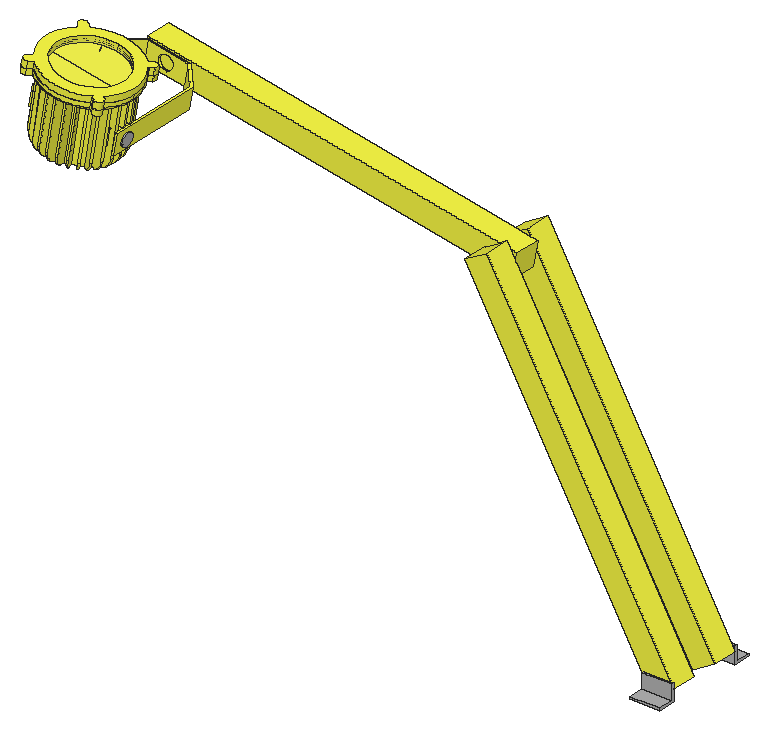
Revit family "Dokstar", category Lighting Fixtures, host Face, Revit 2013
Parameters (values of type "DOK")
  zz Angle 3 [instance] = if(Fixture Head Tilt < 1.00°, 1.00°, if(Fixture Head Tilt > 179.00°, 179.00°, Fixture Head Tilt))  # 1.00°
  zz Angle 2 [instance] = if(Single Arm Tilt < 40.00°, 40.00°, if(Single Arm Tilt > 140.00°, 140.00°, Single Arm Tilt))  # 40.00°
  zz Angle 1 [instance] = if(Double Arm Tilt < 30.00°, 30.00°, if(Double Arm Tilt > 150.00°, 150.00°, Double Arm Tilt))  # 120.00°
  Voltage = 120 V
  Single Arm Tilt [instance] = 20.00°
  Product Page URL = "https://www.hubbell.com/hubbelllightingci/en/Products/Lighting-Controls/Industrial-Lighting/Dock-Lights/Dokstar/p/212397#productPageTabDiv"
  Product Name = "Dokstar"  # constant formula
  Product Documentation Link = "https://hubbellcdn.com/brochure/dokstar_flyer_hil001.pdf"
  Power Factor = 1
  Wattage Comments = "Up to 131 lumens/watt efficacy"  # constant formula
  URL = "https://www.hubbell.com/hubbelllightingci/en/"
  Model = "DOK"  # constant formula
  Manufacturer = "Hubbell Industrial Lighting"  # constant formula
  Load Classification = Lighting
  Lamp = "LED's"  # constant formula
  Glass = Hubbell - White Glass
  Fixture Head Tilt [instance] = 0.00°
  Fastener = Steel - Hubbell
  Double Arm Tilt [instance] = 120.00°
  Description = "LED Freight Loading Dock Fixture"  # constant formula
  Default Elevation = 4' - 0"
  Contact Us = "https://www.hubbell.com/hubbelllightingci/en/contactUs"
  Housing Material = Powdercoat - Hubbell - Yellow
  Assembly Code = "D5020200"
  Apparent Load = 0 VA
Reference planes (in)
  plane 1 "Center (Front/Back)": y = 13.01342
  plane 2: z = 0
  plane 3 "Center (Left/Right)": x = 0
  plane 4: x = -0.875
  plane 5: x = 0.875
  plane 6: y = 13.76342
  plane 7: y = 12.26342
  plane 8: y = 15.26342
  plane 9: y = 10.76342
  plane 10: y = 16.26342
  plane 11: y = 9.76342
  plane 12: z = 1
  plane 13: y = 15.38842
  plane 14: z = 0.125
  plane 15: y = 10.63842
  plane 16: z = 0.75
Forms (in)
  Extrusion 1, solid, material "Steel - Hubbell" <- "Fastener"
    sketch origin (0, 0, 0) x (0, 1, 0) y (0, 0, 1)
      loop
        line (15.38842, 1) -> (15.26342, 1) -> (15.26342, 0) -> (16.26342, 0) -> (16.26342, 0.125) -> (15.38842, 0.125) -> (15.38842, 1)
      loop
        line (10.63842, 1) -> (10.63842, 0.125) -> (9.76342, 0.125) -> (9.76342, 0) -> (10.76342, 0) -> (10.76342, 1) -> (10.63842, 1)
    from -0.875 to 0.875
Dimensions and locks (in)
  equal spacing: plane 4, plane 3 "Center (Left/Right)", plane 5
  equal spacing: plane 6, plane 1 "Center (Front/Back)", plane 7
  equal spacing: plane 9, plane 1 "Center (Front/Back)", plane 8, locked at 2.25 each
  locked: plane 10 to plane 8 at 1
  locked: plane 11 to plane 9 at 1
  locked: plane 12 to plane 2 at 1
  locked: plane 14 to plane 2 at 0.125
  locked: plane 13 to plane 8 at 0.125
  locked: plane 9 to plane 15 at 0.125
  locked: plane 16 to plane 2 at 0.75
  "zz Angle 1": angle plane 16 to nested 1
  aligned and locked: plane 2 to host face
  aligned and locked: level to host face
  aligned and locked: Extrusion 1 sketch curve to plane 13
  aligned and locked: Extrusion 1 sketch curve to plane 14
  aligned and locked: plane 2 to Extrusion 1 sketch curve
  aligned and locked: plane 8 to Extrusion 1 sketch curve
  aligned and locked: Extrusion 1 sketch curve to plane 12
  aligned and locked: Extrusion 1 to plane 4
  aligned and locked: Extrusion 1 to plane 5
  aligned and locked: plane 15 to Extrusion 1 sketch curve
  aligned and locked: Extrusion 1 sketch curve to plane 9
  aligned and locked: plane 12 to Extrusion 1 sketch curve
  aligned and locked: plane 14 to Extrusion 1 sketch curve
  aligned and locked: Extrusion 1 sketch curve to plane 2
  aligned and locked: plane 11 to Extrusion 1 sketch curve
  aligned and locked: plane 16 to nested 1
  aligned and locked: plane 3 "Center (Left/Right)" to nested 1
  aligned and locked: nested 2 to nested 1
Automatic sketch dimensions
  host sketch curve to host sketch curve = 8' - 0"  (x2)
  Extrusion 1 sketch curve to plane 10 = 0' - 0"
Nested families (in)
  nested 1: "Double Arm" at (0, 10.76342, 0.75) x (-0.5, 0, 0.866) z (0, 1, 0), type "Double Arm"
    with Tilt 40.00°
  nested 2: "Dokstar Fixture" at (-30.37171, 12.26342, 20.21513) x (0.9848, 0, -0.1736) z (0, -1, 0), type "Dokstar Fixture"
Connectors (in)
  electrical at (-30.33312, 6.04505, 20.399), driven by "Load Classification", driven by "Voltage", driven by "Apparent Load", driven by "Power Factor"
    settings: on nested 2, index 1, voltage 120 V, apparent load 0 VA, apparent load phase1 0 VA, apparent load phase2 0 VA, apparent load phase3 0 VA, power factor 1, load classification "Lighting", number of poles 1, system type 30, power factor state 1, is connector primary yes, connector utility no, sub classification motor no, connector description "Lighting Connector"
Definition of nested family "Double Arm"
  Parameters (values of type "Double Arm")
    Tilt = 45.00°
    Default Elevation = 4' - 0"
    Arm = Powdercoat - Hubbell - Yellow
  Reference planes (in)
    plane 1 "Center (Front/Back)": y = 0
    plane 2: z = 0
    plane 3 "Center (Left/Right)": x = 0
    plane 4: y = 0.75
    plane 5: y = -0.75
    plane 6: x = -0.5
    plane 7: x = 21.5
    plane 8: z = 1.5
    plane 9: z = 3
    plane 10: z = 4.5
    plane 11: x = 20.75
  Forms (in)
    Extrusion 1, solid, material "Powdercoat - Hubbell - Yellow" <- "Arm"
      sketch origin (0, 0, 0) x (0, 1, 0) y (0, 0, 1)
        loop
          line (0.75, 1.5) -> (-0.75, 1.5) -> (-0.75, 0) -> (0.75, 0) -> (0.75, 1.5)
        loop
          line (0.75, 4.5) -> (-0.75, 4.5) -> (-0.75, 3) -> (0.75, 3) -> (0.75, 4.5)
      from -0.5 to 21.5
  Lines and regions (in)
    reference lines
      curve 1: line (0, 0, 0) -> (18.25, 0, 0)
  Dimensions and locks (in)
    equal spacing: plane 4, plane 1 "Center (Front/Back)", plane 5, locked at 0.75 each
    locked: plane 6 to plane 3 "Center (Left/Right)" at 0.5
    locked: plane 6 to plane 7 at 22
    equal spacing: plane 10, plane 9, plane 8, plane 2, locked at 1.5 each
    locked: plane 11 to plane 7 at 0.75
    "Tilt": angle plane 11 to nested 1
    aligned and locked: level to plane 2
    aligned and locked: plane 8 to Extrusion 1 sketch curve
    aligned and locked: plane 4 to Extrusion 1 sketch curve
    aligned and locked: Extrusion 1 sketch curve to plane 2
    aligned and locked: plane 5 to Extrusion 1 sketch curve
    aligned and locked: Extrusion 1 sketch curve to plane 9
    aligned and locked: Extrusion 1 sketch curve to plane 10
    aligned and locked: Extrusion 1 sketch curve to plane 5
    aligned and locked: Extrusion 1 sketch curve to plane 4
    aligned and locked: Extrusion 1 to plane 6
    aligned and locked: plane 7 to Extrusion 1
    aligned and locked: plane 11 to nested 1
    aligned and locked: plane 1 "Center (Front/Back)" to nested 1
  Automatic sketch dimensions
    plane 1 "Center (Front/Back)" to curve 1 = 0' - 0"
    curve 1 to plane 3 "Center (Left/Right)" = 0' - 0"
    curve 1 to plane 11 = 0' - 2 1/2"
  Nested families (in)
    nested 1: "Single Arm" at (20.75, 0, 1.5) x (0.7071, -0.7071, 0) z (0, 0, 1), type "Single Arm"
  Definition of nested family "Single Arm"
    Parameters (values of type "Single Arm")
      Default Elevation = 4' - 0"
      Arm = Powdercoat - Hubbell - Yellow
    Reference planes (in)
      plane 1 "Center (Front/Back)": y = 0
      plane 2: z = 0
      plane 3 "Center (Left/Right)": x = 0
      plane 4: y = 0.75
      plane 5: y = -0.75
      plane 6: x = -0.75
      plane 7: x = 21.25
      plane 8: z = 1.5
      plane 9: x = 20.25
    Forms (in)
      Extrusion 1, solid, material "Powdercoat - Hubbell - Yellow" <- "Arm"
        sketch origin (0, 0, 0) x (0, 1, 0) y (0, 0, 1)
          loop
            line (0.75, 1.5) -> (-0.75, 1.5) -> (-0.75, 0) -> (0.75, 0) -> (0.75, 1.5)
        from -0.75 to 21.25
    Lines and regions (in)
      reference lines
        curve 1: line (0, 0, 0) -> (25.5, 0, 0)
    Dimensions and locks (in)
      equal spacing: plane 4, plane 1 "Center (Front/Back)", plane 5, locked at 0.75 each
      locked: plane 6 to plane 3 "Center (Left/Right)" at 0.75
      locked: plane 6 to plane 7 at 22
      locked: plane 8 to plane 2 at 1.5
      locked: plane 9 to plane 7 at 1
      aligned and locked: level to plane 2
      aligned and locked: plane 8 to Extrusion 1 sketch curve
      aligned and locked: plane 4 to Extrusion 1 sketch curve
      aligned and locked: Extrusion 1 sketch curve to plane 2
      aligned and locked: plane 5 to Extrusion 1 sketch curve
      aligned and locked: Extrusion 1 to plane 6
      aligned and locked: plane 7 to Extrusion 1
    Automatic sketch dimensions
      plane 1 "Center (Front/Back)" to curve 1 = 0' - 0"
      curve 1 to plane 3 "Center (Left/Right)" = 0' - 0"
      plane 7 to curve 1 = 0' - 4 1/4"
Definition of nested family "Dokstar Fixture"
  Parameters (values of type "DOKSTAR")
    Wattage Comments = "14W/16W/21W"
    URL = "www.hubbellindustrial.com"
    Model = "DOKSTAR"  # constant formula
    Manufacturer = "Hubbell Industrial Lighting"  # constant formula
    Lamp = "One"
    Glass = Hubbell - White Glass
    Fixture Head Tillt = 1.00°
    Fastener = Steel - Hubbell
    Description = "Dokstar™ Series LED Loading Dock Lights deliver lower energy cost with high quality superior light over incandescent, quartz or metal halide technologies traditionally used in loading dock applications."  # constant formula
    Default Elevation = 4' - 0"
    Housing Material = Powdercoat - Hubbell - Yellow
  Reference planes (in)
    plane 1 "Center (Front/Back)": y = 2
    plane 2: z = 0
    plane 3 "Center (Left/Right)": x = 0
    plane 4: x = 2.65625
    plane 5: x = -2.65625
    plane 6: z = 6.25
  Forms (in)
    Extrusion 1, solid
      sketch origin (0, 0, 0) x (1, 0, 0) y (0, 1, 0)
        loop
          line (-48, 48) -> (-48, -48) -> (48, -48) -> (48, 48) -> (-48, 48)
      from 0 to -7.58294
    Extrusion 2, solid, material "Steel - Hubbell" <- "Fastener"
      sketch origin (0, -1.13193, -8.51579) x (0, 1, 0) y (0, 0, 1)
        loop
          circle (3.12293, 14.72676) r 0.38115
      from 2.53125 to 2.65625
    Extrusion 3, solid, material "Steel - Hubbell" <- "Fastener"
      sketch origin (0, -1.13193, -8.47676) x (0, 1, 0) y (0, 0, -1)
        loop
          circle (3.12293, -14.72676) r 0.38115
      from 2.53125 to 2.65625
    Extrusion 4, solid, material "Powdercoat - Hubbell - Yellow" <- "Housing Material"
      sketch origin (0, 0.86807, 0) x (1, 0, 0) y (0, 0, 1)
        loop
          line (-1.25, 0) -> (1.25, 0) -> (2.53125, 1.43342) -> (2.53125, 6.91623) -> (2.40625, 6.91623) -> (2.40625, 1.48114) -> (1.19407, 0.125) -> (-1.19407, 0.125) -> (-2.40625, 1.48114) -> (-2.40625, 6.91623) -> (-2.53125, 6.91623) -> (-2.53125, 1.43342) -> (-1.25, 0)
      from -1.73961 to -0.46604
    Extrusion 5, void
      sketch origin (0, -1.13193, 0) x (1, 0, 0) y (0, 1, 0)
        loop
          circle (0, 3.13193) r 0.44669
      from 0 to 0.125
  Cuts and joins
    Extrusion 5 cuts Extrusion 4
  Dimensions and locks (in)
    equal spacing: plane 4, plane 3 "Center (Left/Right)", plane 5, locked at 2.65625 each
    locked: plane 4 to plane 3 "Center (Left/Right)" at 2.65625
    plane 6 to plane 2 = 0' - 6 1/4"
    "Fixture Head Tillt": angle nested 1 to plane 6
    aligned and locked: plane 2 to Extrusion 1
    aligned and locked: plane 1 "Center (Front/Back)" to nested 1
    aligned and locked: plane 6 to nested 1
  Automatic sketch dimensions
    Extrusion 1 sketch curve to Extrusion 1 sketch curve = 8' - 0"  (x2)
    plane 1 "Center (Front/Back)" to Extrusion 2 sketch curve = 0' - 0.009"
    Extrusion 2 sketch curve to plane 6 = 0' - 0.03902"
    Extrusion 3 sketch curve to plane 6 = 0' - 0"
    plane 1 "Center (Front/Back)" to Extrusion 3 sketch curve = 0' - 0.009"
    Extrusion 4 sketch curve to level = 0' - 0"
    plane 5 to Extrusion 4 sketch curve = 0' - 0 1/8"
    level to Extrusion 4 sketch curve = 0' - 0 1/8"
    Extrusion 4 sketch curve to Extrusion 4 sketch curve = 0' - 0 1/8"  (x2)
    Extrusion 4 sketch curve to plane 3 "Center (Left/Right)" = 0' - 1 1/4"
    Extrusion 4 sketch curve to Extrusion 4 sketch curve = 0' - 0.05593"  (x2)
    plane 3 "Center (Left/Right)" to Extrusion 4 sketch curve = 0' - 1.19407"
    Extrusion 4 sketch curve to plane 4 = 0' - 0 1/4"
    level to Extrusion 4 sketch curve = 0' - 1.43342"  (x2)
    Extrusion 4 sketch curve to Extrusion 4 sketch curve = 0' - 0.04772"  (x2)
    plane 6 to Extrusion 4 sketch curve = 0' - 0.66623"  (x2)
    plane 1 "Center (Front/Back)" to Extrusion 5 sketch curve = 0' - 0"
    Extrusion 5 sketch curve to plane 3 "Center (Left/Right)" = 0' - 0"
    radius of Extrusion 2 sketch curve = 0' - 0.38115"
    radius of Extrusion 3 sketch curve = 0' - 0.38115"
    radius of Extrusion 5 sketch curve = 0' - 0.44669"
  Nested families (in)
    nested 1: "Dokstar Head" at (2.40625, 3.9997, 6.2849) x (0, 0.0175, -0.9998) z (-1, 0, 0), type "Dokstar Head"
  Definition of nested family "Dokstar Head"
    Parameters (values of type "Dokstar Head")
      Wattage Comments = ""
      Wattage = 9.2903 W
      built-in parameter 1150110 = 1 (stored number, unit not read)
      URL = "www.hubbellindustrial.com"
      built-in parameter 1114217 = 1 (stored number, unit not read)
      Tilt Angle = 90.00°
      built-in parameter 1150109 = 1 (stored number, unit not read)
      built-in parameter 1150134 = 3
      built-in parameter 1150113 = 1 (stored number, unit not read)
      Photometric Web File = "generic"
      built-in parameter 1150142 = (empty or 0)
      Model = "DOKSTAR"  # constant formula
      Manufacturer = "Hubbell Industrial Lighting"  # constant formula
      built-in parameter 1150105 = 109.82 (stored number, unit not read)
      Lumens = 1380 lm
      built-in parameter 1150115 = 1 (stored number, unit not read)
      built-in parameter 1150137 = (empty or 0)
      built-in parameter 1150139 = (empty or 0)
      built-in parameter 1150112 = 1 (stored number, unit not read)
      built-in parameter 1150114 = 1 (stored number, unit not read)
      Lamp = ""
      Opal lens = Hubbell - White Glass
      built-in parameter 1150132 = (empty or 0)
      built-in parameter 1150102 = (empty or 0)
      built-in parameter 1150107 = 3200 (stored number, unit not read)
      built-in parameter 1150138 = (empty or 0)
      built-in parameter 1150106 = 1.0982 (stored number, unit not read)
      Emit from Circle Diameter = 0' - 4"
      Emit Shape Visible in Rendering = no
      built-in parameter 1150104 = 13.8 (stored number, unit not read)
      Dimming Lamp Color Temperature Shift = (empty or 0)
      Description = "Dokstar™ Series LED Loading Dock Lights deliver lower energy cost with high quality superior light over incandescent, quartz or metal halide technologies traditionally used in loading dock applications."  # constant formula
      Default Elevation = 4' - 0"
      Finish = Powdercoat - Hubbell - Yellow
      Color Filter = 16777215
      built-in parameter 1114218 = 1 (stored number, unit not read)
      built-in parameter 1150133 = 10 (stored number, unit not read)
    Reference planes (in)
      plane 1 "Center (Front/Back)": y = 2
      plane 2: z = 0
      plane 3 "Center (Left/Right)": x = 0
      plane 4: x = 2.65625
      plane 5: x = -2.65625
      plane 6: through (2.65625, -180.68316, -0.38108) normal (-0.7232, 0, -0.6907)
      plane 7: through (-2.65625, -180.68316, -0.38108) normal (-0.7232, 0, 0.6907)
      plane 8: y = -1
      plane 9: y = 3.8125
    Forms (in)
      Extrusion 1, solid
        sketch origin (0, 0, 0) x (1, 0, 0) y (0, 1, 0)
          loop
            line (-48, 48) -> (-48, -48) -> (48, -48) -> (48, 48) -> (-48, 48)
        from 0 to -7.58294
      Extrusion 2, solid, material "Powdercoat - Hubbell - Yellow" <- "Finish"
        sketch origin (0, 1.31684, 5.18142) x (-1, 0, 0) y (0, 0, -1)
          loop
            arc (-2.02183, 4.504) -> (-2.65625, 2.78152) -> (-2.02218, 1.05891) r 2.65625
            arc (-2.02218, 1.05891) -> (-2.01475, 1.0374) -> (-2.02388, 1.01655) r 0.03125
            line (-2.02388, 1.01655) -> (-2.17834, 0.86209)
            arc (-2.17834, 0.86209) -> (-2.18757, 0.51223) -> (-1.83797, 0.49597) r 0.25
            line (-1.83797, 0.49597) -> (-1.66073, 0.6732)
            arc (-1.66073, 0.6732) -> (-1.64066, 0.68229) -> (-1.61958, 0.67587) r 0.03125
            arc (-1.61958, 0.67587) -> (-0.00043, 0.125) -> (1.61889, 0.67534) r 2.65625
            arc (1.61889, 0.67534) -> (1.63997, 0.68175) -> (1.66004, 0.67266) r 0.03125
            line (1.66004, 0.67266) -> (1.84415, 0.48855)
            arc (1.84415, 0.48855) -> (2.19413, 0.48874) -> (2.20098, 0.83865) r 0.25
            line (2.20098, 0.83865) -> (2.02351, 1.01612)
            arc (2.02351, 1.01612) -> (2.01438, 1.03698) -> (2.02182, 1.05849) r 0.03125
            arc (2.02182, 1.05849) -> (2.65624, 2.78709) -> (2.01423, 4.51288) r 2.65625
            arc (2.01423, 4.51288) -> (2.00633, 4.53547) -> (2.0159, 4.5574) r 0.03275
            line (2.0159, 4.5574) -> (2.17817, 4.71966)
            arc (2.17817, 4.71966) -> (2.17799, 5.06965) -> (1.82807, 5.0765) r 0.25
            line (1.82807, 5.0765) -> (1.64948, 4.89791)
            arc (1.64948, 4.89791) -> (1.62949, 4.88883) -> (1.60846, 4.89514) r 0.03125
            arc (1.60846, 4.89514) -> (-0.0122, 5.43747) -> (-1.62781, 4.88027) r 2.65625
            arc (-1.62781, 4.88027) -> (-1.65021, 4.87367) -> (-1.67115, 4.884) r 0.03206
            line (-1.67115, 4.884) -> (-1.84271, 5.07211)
            arc (-1.84271, 5.07211) -> (-2.19195, 5.04919) -> (-2.17605, 4.69957) r 0.25
            line (-2.17605, 4.69957) -> (-2.02355, 4.54707)
            arc (-2.02355, 4.54707) -> (-2.01427, 4.52587) -> (-2.02183, 4.504) r 0.03177
          loop
            circle (0, 2.78125) r 2
        from 1.92187 to 2.31684
      Revolve 3, solid, material "Powdercoat - Hubbell - Yellow" <- "Finish"
        sketch origin (0, -0.68316, 5.18142) x (0, 1, 0) y (0, 0, -1)
          loop
            line (4.49566, 2.78125) -> (0.31457, 2.78125) -> (0.31457, 0.24999) -> (0.07813, 0.24999) -> (0.07813, 0.12499) -> (0.34582, 0.12499)
            arc (0.34582, 0.12499) -> (0.41211, 0.15245) -> (0.43957, 0.21874) r 0.09375
            line (0.43957, 0.21874) -> (0.43957, 0.9584)
            arc (0.43957, 0.9584) -> (0.51279, 1.13517) -> (0.68957, 1.2084) r 0.25
            line (0.68957, 1.2084) -> (4.49566, 1.2084) -> (4.49566, 2.78125)
          axis (4.49566, 2.78125) -> (0.07813, 2.78125)
        angle from 0 to 360
      Extrusion 4, solid, material "Powdercoat - Hubbell - Yellow" <- "Finish"
        sketch origin (5.11653, -180.68316, 2.40017) x (0, -1, 0) y (-1, 0, 0)
          loop
            line (-180.43534, 2.71426) -> (-180.43534, 3.29152)
            arc (-180.43534, 3.29152) -> (-180.50947, 3.47047) -> (-180.68841, 3.54459) r 0.25307
            line (-180.68841, 3.54459) -> (-184.4968, 3.54459)
            arc (-184.4968, 3.54459) -> (-184.26536, 2.96918) -> (-183.69996, 2.71426) r 0.83103
            line (-183.69996, 2.71426) -> (-180.43534, 2.71426)
        from -0.04137 to 0.04833
      Extrusion 5, solid, material "Powdercoat - Hubbell - Yellow" <- "Finish"
        sketch origin (0, 1.31684, 5.18142) x (-1, 0, 0) y (0, 0, -1)
          loop
            arc (2.17817, 4.71966) -> (2.17799, 5.06965) -> (1.82807, 5.0765) r 0.25
            line (1.82807, 5.0765) -> (1.64948, 4.89791)
            arc (1.64948, 4.89791) -> (1.62949, 4.88883) -> (1.60846, 4.89514) r 0.03125
            arc (1.60846, 4.89514) -> (1.8214, 4.71468) -> (2.01423, 4.51288) r 2.65625
            arc (2.01423, 4.51288) -> (2.00633, 4.53547) -> (2.0159, 4.5574) r 0.03275
            line (2.0159, 4.5574) -> (2.17817, 4.71966)
          loop
            arc (-1.84271, 5.07211) -> (-2.19195, 5.04919) -> (-2.17605, 4.69957) r 0.25
            line (-2.17605, 4.69957) -> (-2.02355, 4.54707)
            arc (-2.02355, 4.54707) -> (-2.01427, 4.52586) -> (-2.02184, 4.50399) r 0.03177
            arc (-2.02184, 4.50399) -> (-1.83562, 4.70113) -> (-1.63044, 4.87844) r 2.68025
            arc (-1.63044, 4.87844) -> (-1.6518, 4.87384) -> (-1.67115, 4.884) r 0.03206
            line (-1.67115, 4.884) -> (-1.84271, 5.07211)
          loop
            line (-2.02388, 1.01655) -> (-2.17834, 0.86209)
            arc (-2.17834, 0.86209) -> (-2.18757, 0.51223) -> (-1.83797, 0.49597) r 0.25
            line (-1.83797, 0.49597) -> (-1.66073, 0.6732)
            arc (-1.66073, 0.6732) -> (-1.64066, 0.68229) -> (-1.61958, 0.67587) r 0.03125
            arc (-1.61958, 0.67587) -> (-1.82979, 0.8557) -> (-2.02022, 1.05635) r 2.66406
            arc (-2.02022, 1.05635) -> (-2.01485, 1.03579) -> (-2.02388, 1.01655) r 0.03125
          loop
            line (1.66004, 0.67266) -> (1.84415, 0.48855)
            arc (1.84415, 0.48855) -> (2.19413, 0.48874) -> (2.20098, 0.83865) r 0.25
            line (2.20098, 0.83865) -> (2.02351, 1.01612)
            arc (2.02351, 1.01612) -> (2.01449, 1.03537) -> (2.01986, 1.05593) r 0.03125
            arc (2.01986, 1.05593) -> (1.82927, 0.85521) -> (1.61889, 0.67534) r 2.66406
            arc (1.61889, 0.67534) -> (1.63997, 0.68175) -> (1.66004, 0.67266) r 0.03125
        from 1.56466 to 1.92187
      Extrusion 6, solid, material "Hubbell - White Glass" <- "Opal lens"
        sketch origin (0, 1.89497, -12.50607) x (1, 0, 0) y (0, 0, 1)
          loop
            circle (0, 14.90624) r 2
        from 2.62787 to 2.72935
      Extrusion 7, solid, material "Powdercoat - Hubbell - Yellow" <- "Finish"
        sketch origin (0, 2, 0) x (1, 0, 0) y (0, 0, 1)
          loop
            line (-0.48322, 4.80035) -> (-0.48322, 0) -> (0.48322, 0) -> (0.48322, 4.80035) -> (-0.48322, 4.80035)
        from -0.51564 to 0.53414
      Extrusion 8, solid, material "Powdercoat - Hubbell - Yellow" <- "Finish"
        sketch origin (4.98824, -180.68316, 3.53871) x (0.974928, 0, 0.222521) y (0, -1, 0)
          loop
            line (-2.71426, -180.43534) -> (-3.29152, -180.43534)
            arc (-3.29152, -180.43534) -> (-3.47047, -180.50947) -> (-3.54459, -180.68841) r 0.25307
            line (-3.54459, -180.68841) -> (-3.54459, -184.4968)
            arc (-3.54459, -184.4968) -> (-2.96918, -184.26536) -> (-2.71426, -183.69996) r 0.83103
            line (-2.71426, -183.69996) -> (-2.71426, -180.43534)
        from -0.04137 to 0.04833
      Extrusion 9, solid, material "Powdercoat - Hubbell - Yellow" <- "Finish"
        sketch origin (4.60983, -180.68316, 4.62015) x (0.900969, 0, 0.433884) y (0, -1, 0)
          loop
            line (-2.71426, -180.43534) -> (-3.29152, -180.43534)
            arc (-3.29152, -180.43534) -> (-3.47047, -180.50947) -> (-3.54459, -180.68841) r 0.25307
            line (-3.54459, -180.68841) -> (-3.54459, -184.4968)
            arc (-3.54459, -184.4968) -> (-2.96918, -184.26536) -> (-2.71426, -183.69996) r 0.83103
            line (-2.71426, -183.69996) -> (-2.71426, -180.43534)
        from -0.04137 to 0.04833
      Extrusion 10, solid, material "Powdercoat - Hubbell - Yellow" <- "Finish"
        sketch origin (4.00026, -180.68316, 5.59028) x (0.781831, 0, 0.62349) y (0, -1, 0)
          loop
            line (-2.71426, -180.43534) -> (-3.29152, -180.43534)
            arc (-3.29152, -180.43534) -> (-3.47047, -180.50947) -> (-3.54459, -180.68841) r 0.25307
            line (-3.54459, -180.68841) -> (-3.54459, -184.4968)
            arc (-3.54459, -184.4968) -> (-2.96918, -184.26536) -> (-2.71426, -183.69996) r 0.83103
            line (-2.71426, -183.69996) -> (-2.71426, -180.43534)
        from -0.04137 to 0.04833
      Extrusion 11, solid, material "Powdercoat - Hubbell - Yellow" <- "Finish"
        sketch origin (3.1901, -180.68316, 6.40043) x (0.62349, 0, 0.781831) y (0, -1, 0)
          loop
            line (-2.71426, -180.43534) -> (-3.29152, -180.43534)
            arc (-3.29152, -180.43534) -> (-3.47047, -180.50947) -> (-3.54459, -180.68841) r 0.25307
            line (-3.54459, -180.68841) -> (-3.54459, -184.4968)
            arc (-3.54459, -184.4968) -> (-2.96918, -184.26536) -> (-2.71426, -183.69996) r 0.83103
            line (-2.71426, -183.69996) -> (-2.71426, -180.43534)
        from -0.04137 to 0.04833
      Extrusion 12, solid, material "Powdercoat - Hubbell - Yellow" <- "Finish"
        sketch origin (2.21998, -180.68316, 7.01) x (0.433884, 0, 0.900969) y (0, -1, 0)
          loop
            line (-2.71426, -180.43534) -> (-3.29152, -180.43534)
            arc (-3.29152, -180.43534) -> (-3.47047, -180.50947) -> (-3.54459, -180.68841) r 0.25307
            line (-3.54459, -180.68841) -> (-3.54459, -184.4968)
            arc (-3.54459, -184.4968) -> (-2.96918, -184.26536) -> (-2.71426, -183.69996) r 0.83103
            line (-2.71426, -183.69996) -> (-2.71426, -180.43534)
        from -0.04137 to 0.04833
      Extrusion 13, solid, material "Powdercoat - Hubbell - Yellow" <- "Finish"
        sketch origin (1.13853, -180.68316, 7.38842) x (0.222521, 0, 0.974928) y (0, -1, 0)
          loop
            line (-2.71426, -180.43534) -> (-3.29152, -180.43534)
            arc (-3.29152, -180.43534) -> (-3.47047, -180.50947) -> (-3.54459, -180.68841) r 0.25307
            line (-3.54459, -180.68841) -> (-3.54459, -184.4968)
            arc (-3.54459, -184.4968) -> (-2.96918, -184.26536) -> (-2.71426, -183.69996) r 0.83103
            line (-2.71426, -183.69996) -> (-2.71426, -180.43534)
        from -0.04137 to 0.04833
      Extrusion 14, solid, material "Powdercoat - Hubbell - Yellow" <- "Finish"
        sketch origin (0, -180.68316, 7.5167) x (0, 0, 1) y (0, -1, 0)
          loop
            line (-2.71426, -180.43534) -> (-3.29152, -180.43534)
            arc (-3.29152, -180.43534) -> (-3.47047, -180.50947) -> (-3.54459, -180.68841) r 0.25307
            line (-3.54459, -180.68841) -> (-3.54459, -184.4968)
            arc (-3.54459, -184.4968) -> (-2.96918, -184.26536) -> (-2.71426, -183.69996) r 0.83103
            line (-2.71426, -183.69996) -> (-2.71426, -180.43534)
        from -0.04137 to 0.04833
      Extrusion 15, solid, material "Powdercoat - Hubbell - Yellow" <- "Finish"
        sketch origin (-1.13853, -180.68316, 7.38842) x (-0.222521, 0, 0.974928) y (0, -1, 0)
          loop
            line (-2.71426, -180.43534) -> (-3.29152, -180.43534)
            arc (-3.29152, -180.43534) -> (-3.47047, -180.50947) -> (-3.54459, -180.68841) r 0.25307
            line (-3.54459, -180.68841) -> (-3.54459, -184.4968)
            arc (-3.54459, -184.4968) -> (-2.96918, -184.26536) -> (-2.71426, -183.69996) r 0.83103
            line (-2.71426, -183.69996) -> (-2.71426, -180.43534)
        from -0.04137 to 0.04833
      Extrusion 16, solid, material "Powdercoat - Hubbell - Yellow" <- "Finish"
        sketch origin (-2.21998, -180.68316, 7.01) x (-0.433884, 0, 0.900969) y (0, -1, 0)
          loop
            line (-2.71426, -180.43534) -> (-3.29152, -180.43534)
            arc (-3.29152, -180.43534) -> (-3.47047, -180.50947) -> (-3.54459, -180.68841) r 0.25307
            line (-3.54459, -180.68841) -> (-3.54459, -184.4968)
            arc (-3.54459, -184.4968) -> (-2.96918, -184.26536) -> (-2.71426, -183.69996) r 0.83103
            line (-2.71426, -183.69996) -> (-2.71426, -180.43534)
        from -0.04137 to 0.04833
      Extrusion 17, solid, material "Powdercoat - Hubbell - Yellow" <- "Finish"
        sketch origin (-3.1901, -180.68316, 6.40043) x (-0.62349, 0, 0.781831) y (0, -1, 0)
          loop
            line (-2.71426, -180.43534) -> (-3.29152, -180.43534)
            arc (-3.29152, -180.43534) -> (-3.47047, -180.50947) -> (-3.54459, -180.68841) r 0.25307
            line (-3.54459, -180.68841) -> (-3.54459, -184.4968)
            arc (-3.54459, -184.4968) -> (-2.96918, -184.26536) -> (-2.71426, -183.69996) r 0.83103
            line (-2.71426, -183.69996) -> (-2.71426, -180.43534)
        from -0.04137 to 0.04833
      Extrusion 18, solid, material "Powdercoat - Hubbell - Yellow" <- "Finish"
        sketch origin (-4.00026, -180.68316, 5.59028) x (-0.781831, 0, 0.62349) y (0, -1, 0)
          loop
            line (-2.71426, -180.43534) -> (-3.29152, -180.43534)
            arc (-3.29152, -180.43534) -> (-3.47047, -180.50947) -> (-3.54459, -180.68841) r 0.25307
            line (-3.54459, -180.68841) -> (-3.54459, -184.4968)
            arc (-3.54459, -184.4968) -> (-2.96918, -184.26536) -> (-2.71426, -183.69996) r 0.83103
            line (-2.71426, -183.69996) -> (-2.71426, -180.43534)
        from -0.04137 to 0.04833
      Extrusion 19, solid, material "Powdercoat - Hubbell - Yellow" <- "Finish"
        sketch origin (-4.60983, -180.68316, 4.62015) x (-0.900969, 0, 0.433884) y (0, -1, 0)
          loop
            line (-2.71426, -180.43534) -> (-3.29152, -180.43534)
            arc (-3.29152, -180.43534) -> (-3.47047, -180.50947) -> (-3.54459, -180.68841) r 0.25307
            line (-3.54459, -180.68841) -> (-3.54459, -184.4968)
            arc (-3.54459, -184.4968) -> (-2.96918, -184.26536) -> (-2.71426, -183.69996) r 0.83103
            line (-2.71426, -183.69996) -> (-2.71426, -180.43534)
        from -0.04137 to 0.04833
      Extrusion 20, solid, material "Powdercoat - Hubbell - Yellow" <- "Finish"
        sketch origin (-4.98824, -180.68316, 3.53871) x (-0.974928, 0, 0.222521) y (0, -1, 0)
          loop
            line (-2.71426, -180.43534) -> (-3.29152, -180.43534)
            arc (-3.29152, -180.43534) -> (-3.47047, -180.50947) -> (-3.54459, -180.68841) r 0.25307
            line (-3.54459, -180.68841) -> (-3.54459, -184.4968)
            arc (-3.54459, -184.4968) -> (-2.96918, -184.26536) -> (-2.71426, -183.69996) r 0.83103
            line (-2.71426, -183.69996) -> (-2.71426, -180.43534)
        from -0.04137 to 0.04833
      Extrusion 21, solid, material "Powdercoat - Hubbell - Yellow" <- "Finish"
        sketch origin (-5.11653, -180.68316, 2.40017) x (-1, 0, 0) y (0, -1, 0)
          loop
            line (-2.71426, -180.43534) -> (-3.29152, -180.43534)
            arc (-3.29152, -180.43534) -> (-3.47047, -180.50947) -> (-3.54459, -180.68841) r 0.25307
            line (-3.54459, -180.68841) -> (-3.54459, -184.4968)
            arc (-3.54459, -184.4968) -> (-2.96918, -184.26536) -> (-2.71426, -183.69996) r 0.83103
            line (-2.71426, -183.69996) -> (-2.71426, -180.43534)
        from -0.04137 to 0.04833
      Extrusion 22, solid, material "Powdercoat - Hubbell - Yellow" <- "Finish"
        sketch origin (-4.98824, -180.68316, 1.26164) x (-0.974928, 0, -0.222521) y (0, -1, 0)
          loop
            line (-2.71426, -180.43534) -> (-3.29152, -180.43534)
            arc (-3.29152, -180.43534) -> (-3.47047, -180.50947) -> (-3.54459, -180.68841) r 0.25307
            line (-3.54459, -180.68841) -> (-3.54459, -184.4968)
            arc (-3.54459, -184.4968) -> (-2.96918, -184.26536) -> (-2.71426, -183.69996) r 0.83103
            line (-2.71426, -183.69996) -> (-2.71426, -180.43534)
        from -0.04137 to 0.04833
      Extrusion 23, solid, material "Powdercoat - Hubbell - Yellow" <- "Finish"
        sketch origin (-4.60983, -180.68316, 0.1802) x (-0.900969, 0, -0.433884) y (0, -1, 0)
          loop
            line (-2.71426, -180.43534) -> (-3.29152, -180.43534)
            arc (-3.29152, -180.43534) -> (-3.47047, -180.50947) -> (-3.54459, -180.68841) r 0.25307
            line (-3.54459, -180.68841) -> (-3.54459, -184.4968)
            arc (-3.54459, -184.4968) -> (-2.96918, -184.26536) -> (-2.71426, -183.69996) r 0.83103
            line (-2.71426, -183.69996) -> (-2.71426, -180.43534)
        from -0.04137 to 0.04833
      Extrusion 24, solid, material "Powdercoat - Hubbell - Yellow" <- "Finish"
        sketch origin (-4.00026, -180.68316, -0.78993) x (-0.781831, 0, -0.62349) y (0, -1, 0)
          loop
            line (-2.71426, -180.43534) -> (-3.29152, -180.43534)
            arc (-3.29152, -180.43534) -> (-3.47047, -180.50947) -> (-3.54459, -180.68841) r 0.25307
            line (-3.54459, -180.68841) -> (-3.54459, -184.4968)
            arc (-3.54459, -184.4968) -> (-2.96918, -184.26536) -> (-2.71426, -183.69996) r 0.83103
            line (-2.71426, -183.69996) -> (-2.71426, -180.43534)
        from -0.04137 to 0.04833
      Extrusion 25, solid, material "Powdercoat - Hubbell - Yellow" <- "Finish"
        sketch origin (-3.1901, -180.68316, -1.60009) x (-0.62349, 0, -0.781831) y (0, -1, 0)
          loop
            line (-2.71426, -180.43534) -> (-3.29152, -180.43534)
            arc (-3.29152, -180.43534) -> (-3.47047, -180.50947) -> (-3.54459, -180.68841) r 0.25307
            line (-3.54459, -180.68841) -> (-3.54459, -184.4968)
            arc (-3.54459, -184.4968) -> (-2.96918, -184.26536) -> (-2.71426, -183.69996) r 0.83103
            line (-2.71426, -183.69996) -> (-2.71426, -180.43534)
        from -0.04137 to 0.04833
      Extrusion 26, solid, material "Powdercoat - Hubbell - Yellow" <- "Finish"
        sketch origin (-2.21998, -180.68316, -2.20966) x (-0.433884, 0, -0.900969) y (0, -1, 0)
          loop
            line (-2.71426, -180.43534) -> (-3.29152, -180.43534)
            arc (-3.29152, -180.43534) -> (-3.47047, -180.50947) -> (-3.54459, -180.68841) r 0.25307
            line (-3.54459, -180.68841) -> (-3.54459, -184.4968)
            arc (-3.54459, -184.4968) -> (-2.96918, -184.26536) -> (-2.71426, -183.69996) r 0.83103
            line (-2.71426, -183.69996) -> (-2.71426, -180.43534)
        from -0.04137 to 0.04833
      Extrusion 27, solid, material "Powdercoat - Hubbell - Yellow" <- "Finish"
        sketch origin (-1.13853, -180.68316, -2.58807) x (-0.222521, 0, -0.974928) y (0, -1, 0)
          loop
            line (-2.71426, -180.43534) -> (-3.29152, -180.43534)
            arc (-3.29152, -180.43534) -> (-3.47047, -180.50947) -> (-3.54459, -180.68841) r 0.25307
            line (-3.54459, -180.68841) -> (-3.54459, -184.4968)
            arc (-3.54459, -184.4968) -> (-2.96918, -184.26536) -> (-2.71426, -183.69996) r 0.83103
            line (-2.71426, -183.69996) -> (-2.71426, -180.43534)
        from -0.04137 to 0.04833
      Extrusion 28, solid, material "Powdercoat - Hubbell - Yellow" <- "Finish"
        sketch origin (0, -180.68316, -2.71635) x (0, 0, -1) y (0, -1, 0)
          loop
            line (-2.71426, -180.43534) -> (-3.29152, -180.43534)
            arc (-3.29152, -180.43534) -> (-3.47047, -180.50947) -> (-3.54459, -180.68841) r 0.25307
            line (-3.54459, -180.68841) -> (-3.54459, -184.4968)
            arc (-3.54459, -184.4968) -> (-2.96918, -184.26536) -> (-2.71426, -183.69996) r 0.83103
            line (-2.71426, -183.69996) -> (-2.71426, -180.43534)
        from -0.04137 to 0.04833
      Extrusion 29, solid, material "Powdercoat - Hubbell - Yellow" <- "Finish"
        sketch origin (1.13853, -180.68316, -2.58807) x (0.222521, 0, -0.974928) y (0, -1, 0)
          loop
            line (-2.71426, -180.43534) -> (-3.29152, -180.43534)
            arc (-3.29152, -180.43534) -> (-3.47047, -180.50947) -> (-3.54459, -180.68841) r 0.25307
            line (-3.54459, -180.68841) -> (-3.54459, -184.4968)
            arc (-3.54459, -184.4968) -> (-2.96918, -184.26536) -> (-2.71426, -183.69996) r 0.83103
            line (-2.71426, -183.69996) -> (-2.71426, -180.43534)
        from -0.04137 to 0.04833
      Extrusion 30, solid, material "Powdercoat - Hubbell - Yellow" <- "Finish"
        sketch origin (2.21998, -180.68316, -2.20966) x (0.433884, 0, -0.900969) y (0, -1, 0)
          loop
            line (-2.71426, -180.43534) -> (-3.29152, -180.43534)
            arc (-3.29152, -180.43534) -> (-3.47047, -180.50947) -> (-3.54459, -180.68841) r 0.25307
            line (-3.54459, -180.68841) -> (-3.54459, -184.4968)
            arc (-3.54459, -184.4968) -> (-2.96918, -184.26536) -> (-2.71426, -183.69996) r 0.83103
            line (-2.71426, -183.69996) -> (-2.71426, -180.43534)
        from -0.04137 to 0.04833
      Extrusion 31, solid, material "Powdercoat - Hubbell - Yellow" <- "Finish"
        sketch origin (3.1901, -180.68316, -1.60009) x (0.62349, 0, -0.781831) y (0, -1, 0)
          loop
            line (-2.71426, -180.43534) -> (-3.29152, -180.43534)
            arc (-3.29152, -180.43534) -> (-3.47047, -180.50947) -> (-3.54459, -180.68841) r 0.25307
            line (-3.54459, -180.68841) -> (-3.54459, -184.4968)
            arc (-3.54459, -184.4968) -> (-2.96918, -184.26536) -> (-2.71426, -183.69996) r 0.83103
            line (-2.71426, -183.69996) -> (-2.71426, -180.43534)
        from -0.04137 to 0.04833
      Extrusion 32, solid, material "Powdercoat - Hubbell - Yellow" <- "Finish"
        sketch origin (4.00026, -180.68316, -0.78993) x (0.781831, 0, -0.62349) y (0, -1, 0)
          loop
            line (-2.71426, -180.43534) -> (-3.29152, -180.43534)
            arc (-3.29152, -180.43534) -> (-3.47047, -180.50947) -> (-3.54459, -180.68841) r 0.25307
            line (-3.54459, -180.68841) -> (-3.54459, -184.4968)
            arc (-3.54459, -184.4968) -> (-2.96918, -184.26536) -> (-2.71426, -183.69996) r 0.83103
            line (-2.71426, -183.69996) -> (-2.71426, -180.43534)
        from -0.04137 to 0.04833
      Extrusion 33, solid, material "Powdercoat - Hubbell - Yellow" <- "Finish"
        sketch origin (4.60983, -180.68316, 0.1802) x (0.900969, 0, -0.433884) y (0, -1, 0)
          loop
            line (-2.71426, -180.43534) -> (-3.29152, -180.43534)
            arc (-3.29152, -180.43534) -> (-3.47047, -180.50947) -> (-3.54459, -180.68841) r 0.25307
            line (-3.54459, -180.68841) -> (-3.54459, -184.4968)
            arc (-3.54459, -184.4968) -> (-2.96918, -184.26536) -> (-2.71426, -183.69996) r 0.83103
            line (-2.71426, -183.69996) -> (-2.71426, -180.43534)
        from -0.04137 to 0.04833
      Extrusion 34, solid, material "Powdercoat - Hubbell - Yellow" <- "Finish"
        sketch origin (4.98824, -180.68316, 1.26164) x (0.974928, 0, -0.222521) y (0, -1, 0)
          loop
            line (-2.71426, -180.43534) -> (-3.29152, -180.43534)
            arc (-3.29152, -180.43534) -> (-3.47047, -180.50947) -> (-3.54459, -180.68841) r 0.25307
            line (-3.54459, -180.68841) -> (-3.54459, -184.4968)
            arc (-3.54459, -184.4968) -> (-2.96918, -184.26536) -> (-2.71426, -183.69996) r 0.83103
            line (-2.71426, -183.69996) -> (-2.71426, -180.43534)
        from -0.04137 to 0.04833
    Cuts and joins
      joined: Extrusion 7, Extrusion 14, Extrusion 28
    Lines and regions (in)
      reference lines
        curve 1: line (0, 2, 0) -> (0, -5.35142, 0)
    Dimensions and locks (in)
      equal spacing: plane 4, plane 3 "Center (Left/Right)", plane 5, locked at 2.65625 each
      locked: plane 4 to plane 3 "Center (Left/Right)" at 2.65625
      locked: plane 8 to plane 1 "Center (Front/Back)" at 3
      plane 9 to plane 8 = 0' - 4 13/16"
      aligned and locked: plane 2 to Extrusion 1
      aligned and locked: Extrusion 5 to Extrusion 2
      aligned and locked: Revolve 3 sketch curve to plane 9
    Automatic sketch dimensions
      Extrusion 1 sketch curve to Extrusion 1 sketch curve = 8' - 0"  (x2)
      Extrusion 2 sketch curve to Extrusion 2 sketch curve = 0' - 0"  (x28)
      Extrusion 2 sketch curve to plane 4 = 0' - 0.47791"
      Extrusion 2 sketch curve to plane 6 = 0' - 0.24986"
      plane 5 to Extrusion 2 sketch curve = 0' - 0.8121"
      plane 7 to Extrusion 2 sketch curve = 0' - 0"
      Extrusion 2 sketch curve to plane 3 "Center (Left/Right)" = 0' - 0"
      plane 6 to Extrusion 2 sketch curve = 0' - 0"  (x2)
      Extrusion 2 sketch curve to plane 4 = 0' - 0.4802"
      Extrusion 2 sketch curve to Extrusion 2 sketch curve = 0' - 0.15446"  (x2)
      Extrusion 2 sketch curve to Extrusion 2 sketch curve = 0' - 0.1525"  (x2)
      level to Extrusion 2 sketch curve = 0' - 0.10931"
      Extrusion 2 sketch curve to Extrusion 2 sketch curve = 0' - 0.33333"
      Extrusion 2 sketch curve to Extrusion 2 sketch curve = 0' - 0.34037"
      level to Extrusion 2 sketch curve = 0' - 0.29742"
      Extrusion 2 sketch curve to Extrusion 2 sketch curve = 0' - 0.17156"
      Extrusion 2 sketch curve to Extrusion 2 sketch curve = 0' - 0.17723"
      level to Extrusion 2 sketch curve = 0' - 0.28352"
      plane 5 to Extrusion 2 sketch curve = 0' - 1.00677"
      Extrusion 2 sketch curve to Extrusion 2 sketch curve = 0' - 0.18411"  (x2)
      level to Extrusion 2 sketch curve = 0' - 0.10493"
      Extrusion 2 sketch curve to Extrusion 2 sketch curve = 0' - 0.17859"
      Extrusion 2 sketch curve to Extrusion 2 sketch curve = 0' - 0.36642"
      Extrusion 2 sketch curve to Extrusion 2 sketch curve = 0' - 0.36347"
      Extrusion 2 sketch curve to Extrusion 2 sketch curve = 0' - 0.16227"  (x2)
      Extrusion 2 sketch curve to Extrusion 2 sketch curve = 0' - 0.17747"  (x2)
      Extrusion 2 sketch curve to Extrusion 2 sketch curve = 0' - 0.02246"
      Extrusion 2 sketch curve to Extrusion 2 sketch curve = 0' - 0.0221"  (x3)
      Extrusion 2 sketch curve to Extrusion 2 sketch curve = 0' - 0.02379"
      Extrusion 2 sketch curve to Extrusion 2 sketch curve = 0' - 0.02418"
      Extrusion 2 sketch curve to Extrusion 2 sketch curve = 0' - 0.16292"
      Extrusion 2 sketch curve to Extrusion 2 sketch curve = 0' - 0.17386"
      Extrusion 2 sketch curve to Extrusion 2 sketch curve = 0' - 0.02369"
      Extrusion 2 sketch curve to Extrusion 2 sketch curve = 0' - 0.01965"
      Extrusion 2 sketch curve to Extrusion 2 sketch curve = 0' - 0.01905"  (x2)
      Extrusion 2 sketch curve to Extrusion 2 sketch curve = 0' - 0.04102"
      Extrusion 2 sketch curve to Extrusion 2 sketch curve = 0' - 0.04114"
      Extrusion 2 sketch curve to Extrusion 2 sketch curve = 0' - 0.17864"
      Extrusion 2 sketch curve to Extrusion 2 sketch curve = 0' - 0.00168"
      Extrusion 2 sketch curve to Extrusion 2 sketch curve = 0' - 0.1749"
      Extrusion 2 sketch curve to Extrusion 2 sketch curve = 0' - 0.00169"
      Extrusion 2 sketch curve to Extrusion 2 sketch curve = 0' - 0.02316"
      Extrusion 2 sketch curve to Extrusion 2 sketch curve = 0' - 0.18648"
      Extrusion 5 sketch curve to plane 4 = 0' - 0.47791"
      plane 5 to Extrusion 5 sketch curve = 0' - 0.8121"
      level to Extrusion 5 sketch curve = 0' - 4.69287"
      Extrusion 5 sketch curve to plane 3 "Center (Left/Right)" = 0' - 0"
      Extrusion 5 sketch curve to plane 4 = 0' - 0.4802"
      Extrusion 5 sketch curve to Extrusion 5 sketch curve = 0' - 0.15446"  (x2)
      Extrusion 5 sketch curve to Extrusion 5 sketch curve = 0' - 0.1525"  (x2)
      level to Extrusion 5 sketch curve = 0' - 0.10931"
      Extrusion 5 sketch curve to Extrusion 5 sketch curve = 0' - 0.33333"
      Extrusion 5 sketch curve to Extrusion 5 sketch curve = 0' - 0.34037"
      level to Extrusion 5 sketch curve = 0' - 0.29742"
      Extrusion 5 sketch curve to Extrusion 5 sketch curve = 0' - 0.17156"
      Extrusion 5 sketch curve to Extrusion 5 sketch curve = 0' - 0.17723"  (x2)
      level to Extrusion 5 sketch curve = 0' - 0.28352"
      plane 5 to Extrusion 5 sketch curve = 0' - 1.00677"
      Extrusion 5 sketch curve to Extrusion 5 sketch curve = 0' - 0.18411"  (x2)
      level to Extrusion 5 sketch curve = 0' - 0.10493"
      Extrusion 5 sketch curve to Extrusion 5 sketch curve = 0' - 0.17859"
      Extrusion 5 sketch curve to Extrusion 5 sketch curve = 0' - 0.36642"
      Extrusion 5 sketch curve to Extrusion 5 sketch curve = 0' - 0.36347"
      Extrusion 5 sketch curve to Extrusion 5 sketch curve = 0' - 0.16227"  (x2)
      Extrusion 5 sketch curve to Extrusion 5 sketch curve = 0' - 0.17747"  (x2)
      Extrusion 5 sketch curve to Extrusion 5 sketch curve = 0' - 0.02246"
      Extrusion 5 sketch curve to Extrusion 5 sketch curve = 0' - 0.0221"  (x6)
      Extrusion 5 sketch curve to Extrusion 5 sketch curve = 0' - 0.02417"
      Extrusion 5 sketch curve to Extrusion 5 sketch curve = 0' - 0.02575"
      Extrusion 5 sketch curve to Extrusion 5 sketch curve = 0' - 0.17041"
      Extrusion 5 sketch curve to Extrusion 5 sketch curve = 0' - 0.17386"
      Extrusion 5 sketch curve to Extrusion 5 sketch curve = 0' - 0.02369"
      Extrusion 5 sketch curve to Extrusion 5 sketch curve = 0' - 0.01702"
      Extrusion 5 sketch curve to Extrusion 5 sketch curve = 0' - 0.01905"
      Extrusion 5 sketch curve to Extrusion 5 sketch curve = 0' - 0"  (x4)
      plane 3 "Center (Left/Right)" to Extrusion 5 sketch curve = 0' - 0.00476"
      Extrusion 5 sketch curve to plane 3 "Center (Left/Right)" = 0' - 0.00476"
      Extrusion 5 sketch curve to plane 3 "Center (Left/Right)" = 0' - 0.0172"
      Extrusion 5 sketch curve to Extrusion 5 sketch curve = 0' - 0.04102"
      Extrusion 5 sketch curve to Extrusion 5 sketch curve = 0' - 0.04114"
      Extrusion 5 sketch curve to Extrusion 5 sketch curve = 0' - 0.01892"
      Extrusion 5 sketch curve to Extrusion 5 sketch curve = 0' - 0.17864"
      Extrusion 5 sketch curve to Extrusion 5 sketch curve = 0' - 0.00168"
      Extrusion 5 sketch curve to Extrusion 5 sketch curve = 0' - 0.18194"
      Extrusion 5 sketch curve to Extrusion 5 sketch curve = 0' - 0.00365"
      Extrusion 5 sketch curve to Extrusion 5 sketch curve = 0' - 0.02484"
      Extrusion 5 sketch curve to Extrusion 5 sketch curve = 0' - 0.00741"
      Extrusion 5 sketch curve to Extrusion 5 sketch curve = 0' - 0.3501"
      Extrusion 5 sketch curve to Extrusion 5 sketch curve = 0' - 0.36613"
      Extrusion 5 sketch curve to Extrusion 5 sketch curve = 0' - 0.33693"
      Extrusion 5 sketch curve to Extrusion 5 sketch curve = 0' - 0.34051"
      Extrusion 5 sketch curve to Extrusion 5 sketch curve = 0' - 0.01683"
      Extrusion 5 sketch curve to Extrusion 5 sketch curve = 0' - 0.04308"
      Extrusion 6 sketch curve to Extrusion 6 sketch curve = 0' - 0"  (x2)
      Extrusion 6 sketch curve to plane 3 "Center (Left/Right)" = 0' - 0"
      plane 5 to Extrusion 6 sketch curve = 0' - 0 21/32"
      level to Extrusion 6 sketch curve = 0' - 2.40017"
      Extrusion 7 sketch curve to plane 3 "Center (Left/Right)" = 0' - 0.48322"
      level to Extrusion 7 sketch curve = 0' - 4.80035"
      Extrusion 7 sketch curve to level = 0' - 0"
      plane 3 "Center (Left/Right)" to Extrusion 7 sketch curve = 0' - 0.48322"
      Revolve 3 sketch curve to Revolve 3 sketch curve = 0' - 0.23644"
      Revolve 3 sketch curve to Revolve 3 sketch curve = 0' - 0 1/32"
      Revolve 3 sketch curve to Revolve 3 sketch curve = 0' - 0 3/32"
      Revolve 3 sketch curve to Revolve 3 sketch curve = 0' - 0 1/4"
      Revolve 3 sketch curve to Revolve 3 sketch curve = 0' - 0 1/8"
      Revolve 3 sketch curve to Revolve 3 sketch curve = 0' - 2 17/32"
      level to Revolve 3 sketch curve = 0' - 2.40017"
      Revolve 3 sketch curve to Revolve 3 sketch curve = 0' - 0.37066"
      Extrusion 4 sketch curve to Extrusion 4 sketch curve = 0' - 0.25307"
      Extrusion 4 sketch curve to Extrusion 4 sketch curve = 0' - 0"
      Extrusion 4 sketch curve to Extrusion 4 sketch curve = 0' - 3.01154"
      Extrusion 4 sketch curve to Extrusion 4 sketch curve = 0' - 0.79684"
      Extrusion 4 sketch curve to Extrusion 4 sketch curve = 0' - 0.83103"
      Extrusion 8 sketch curve to Extrusion 8 sketch curve = 0' - 0.25307"
      Extrusion 8 sketch curve to Extrusion 8 sketch curve = 0' - 0"
      Extrusion 8 sketch curve to Extrusion 8 sketch curve = 0' - 3.01154"
      Extrusion 8 sketch curve to Extrusion 8 sketch curve = 0' - 0.79684"
      Extrusion 8 sketch curve to Extrusion 8 sketch curve = 0' - 0.83103"
      Extrusion 9 sketch curve to Extrusion 9 sketch curve = 0' - 0.25307"
      Extrusion 9 sketch curve to Extrusion 9 sketch curve = 0' - 0"
      Extrusion 9 sketch curve to Extrusion 9 sketch curve = 0' - 3.01154"
      Extrusion 9 sketch curve to Extrusion 9 sketch curve = 0' - 0.79684"
      Extrusion 9 sketch curve to Extrusion 9 sketch curve = 0' - 0.83103"
      Extrusion 10 sketch curve to Extrusion 10 sketch curve = 0' - 0.25307"
      Extrusion 10 sketch curve to Extrusion 10 sketch curve = 0' - 0"
      Extrusion 10 sketch curve to Extrusion 10 sketch curve = 0' - 3.01154"
      Extrusion 10 sketch curve to Extrusion 10 sketch curve = 0' - 0.79684"
      Extrusion 10 sketch curve to Extrusion 10 sketch curve = 0' - 0.83103"
      Extrusion 11 sketch curve to Extrusion 11 sketch curve = 0' - 0.25307"
      Extrusion 11 sketch curve to Extrusion 11 sketch curve = 0' - 0"
      Extrusion 11 sketch curve to Extrusion 11 sketch curve = 0' - 3.01154"
      Extrusion 11 sketch curve to Extrusion 11 sketch curve = 0' - 0.79684"
      Extrusion 11 sketch curve to Extrusion 11 sketch curve = 0' - 0.83103"
      Extrusion 12 sketch curve to Extrusion 12 sketch curve = 0' - 0.25307"
      Extrusion 12 sketch curve to Extrusion 12 sketch curve = 0' - 0"
      Extrusion 12 sketch curve to Extrusion 12 sketch curve = 0' - 3.01154"
      Extrusion 12 sketch curve to Extrusion 12 sketch curve = 0' - 0.79684"
      Extrusion 12 sketch curve to Extrusion 12 sketch curve = 0' - 0.83103"
      Extrusion 13 sketch curve to Extrusion 13 sketch curve = 0' - 0.25307"
      Extrusion 13 sketch curve to Extrusion 13 sketch curve = 0' - 0"
      Extrusion 13 sketch curve to Extrusion 13 sketch curve = 0' - 3.01154"
      Extrusion 13 sketch curve to Extrusion 13 sketch curve = 0' - 0.79684"
      Extrusion 13 sketch curve to Extrusion 13 sketch curve = 0' - 0.83103"
      Extrusion 14 sketch curve to Extrusion 14 sketch curve = 0' - 0.25307"
      Extrusion 14 sketch curve to Extrusion 14 sketch curve = 0' - 0"
      Extrusion 14 sketch curve to Extrusion 14 sketch curve = 0' - 3.01154"
      Extrusion 14 sketch curve to Extrusion 14 sketch curve = 0' - 0.79684"
      Extrusion 14 sketch curve to Extrusion 14 sketch curve = 0' - 0.83103"
      Extrusion 15 sketch curve to Extrusion 15 sketch curve = 0' - 0.25307"
      Extrusion 15 sketch curve to Extrusion 15 sketch curve = 0' - 0"
      Extrusion 15 sketch curve to Extrusion 15 sketch curve = 0' - 3.01154"
      Extrusion 15 sketch curve to Extrusion 15 sketch curve = 0' - 0.79684"
      Extrusion 15 sketch curve to Extrusion 15 sketch curve = 0' - 0.83103"
      Extrusion 16 sketch curve to Extrusion 16 sketch curve = 0' - 0.25307"
      Extrusion 16 sketch curve to Extrusion 16 sketch curve = 0' - 0"
      Extrusion 16 sketch curve to Extrusion 16 sketch curve = 0' - 3.01154"
      Extrusion 16 sketch curve to Extrusion 16 sketch curve = 0' - 0.79684"
      Extrusion 16 sketch curve to Extrusion 16 sketch curve = 0' - 0.83103"
      Extrusion 17 sketch curve to Extrusion 17 sketch curve = 0' - 0.25307"
      Extrusion 17 sketch curve to Extrusion 17 sketch curve = 0' - 0"
      Extrusion 17 sketch curve to Extrusion 17 sketch curve = 0' - 3.01154"
      Extrusion 17 sketch curve to Extrusion 17 sketch curve = 0' - 0.79684"
      Extrusion 17 sketch curve to Extrusion 17 sketch curve = 0' - 0.83103"
      Extrusion 18 sketch curve to Extrusion 18 sketch curve = 0' - 0.25307"
      Extrusion 18 sketch curve to Extrusion 18 sketch curve = 0' - 0"
      Extrusion 18 sketch curve to Extrusion 18 sketch curve = 0' - 3.01154"
      Extrusion 18 sketch curve to Extrusion 18 sketch curve = 0' - 0.79684"
      Extrusion 18 sketch curve to Extrusion 18 sketch curve = 0' - 0.83103"
      Extrusion 19 sketch curve to Extrusion 19 sketch curve = 0' - 0.25307"
      Extrusion 19 sketch curve to Extrusion 19 sketch curve = 0' - 0"
      Extrusion 19 sketch curve to Extrusion 19 sketch curve = 0' - 3.01154"
      Extrusion 19 sketch curve to Extrusion 19 sketch curve = 0' - 0.79684"
      Extrusion 19 sketch curve to Extrusion 19 sketch curve = 0' - 0.83103"
      Extrusion 20 sketch curve to Extrusion 20 sketch curve = 0' - 0.25307"
      Extrusion 20 sketch curve to Extrusion 20 sketch curve = 0' - 0"
      Extrusion 20 sketch curve to Extrusion 20 sketch curve = 0' - 3.01154"
      Extrusion 20 sketch curve to Extrusion 20 sketch curve = 0' - 0.79684"
      Extrusion 20 sketch curve to Extrusion 20 sketch curve = 0' - 0.83103"
      Extrusion 21 sketch curve to Extrusion 21 sketch curve = 0' - 0.25307"
      Extrusion 21 sketch curve to Extrusion 21 sketch curve = 0' - 0"
      Extrusion 21 sketch curve to Extrusion 21 sketch curve = 0' - 3.01154"
      Extrusion 21 sketch curve to Extrusion 21 sketch curve = 0' - 0.79684"
      Extrusion 21 sketch curve to Extrusion 21 sketch curve = 0' - 0.83103"
      Extrusion 22 sketch curve to Extrusion 22 sketch curve = 0' - 0.25307"
      Extrusion 22 sketch curve to Extrusion 22 sketch curve = 0' - 0"
      Extrusion 22 sketch curve to Extrusion 22 sketch curve = 0' - 3.01154"
      Extrusion 22 sketch curve to Extrusion 22 sketch curve = 0' - 0.79684"
      Extrusion 22 sketch curve to Extrusion 22 sketch curve = 0' - 0.83103"
      Extrusion 23 sketch curve to Extrusion 23 sketch curve = 0' - 0.25307"
      Extrusion 23 sketch curve to Extrusion 23 sketch curve = 0' - 0"
      Extrusion 23 sketch curve to Extrusion 23 sketch curve = 0' - 3.01154"
      Extrusion 23 sketch curve to Extrusion 23 sketch curve = 0' - 0.79684"
      Extrusion 23 sketch curve to Extrusion 23 sketch curve = 0' - 0.83103"
      Extrusion 24 sketch curve to Extrusion 24 sketch curve = 0' - 0.25307"
      Extrusion 24 sketch curve to Extrusion 24 sketch curve = 0' - 0"
      Extrusion 24 sketch curve to Extrusion 24 sketch curve = 0' - 3.01154"
      Extrusion 24 sketch curve to Extrusion 24 sketch curve = 0' - 0.79684"
      Extrusion 24 sketch curve to Extrusion 24 sketch curve = 0' - 0.83103"
      Extrusion 25 sketch curve to Extrusion 25 sketch curve = 0' - 0.25307"
      Extrusion 25 sketch curve to Extrusion 25 sketch curve = 0' - 0"
      Extrusion 25 sketch curve to Extrusion 25 sketch curve = 0' - 3.01154"
      Extrusion 25 sketch curve to Extrusion 25 sketch curve = 0' - 0.79684"
      Extrusion 25 sketch curve to Extrusion 25 sketch curve = 0' - 0.83103"
      Extrusion 26 sketch curve to Extrusion 26 sketch curve = 0' - 0.25307"
      Extrusion 26 sketch curve to Extrusion 26 sketch curve = 0' - 0"
      Extrusion 26 sketch curve to Extrusion 26 sketch curve = 0' - 3.01154"
      Extrusion 26 sketch curve to Extrusion 26 sketch curve = 0' - 0.79684"
      Extrusion 26 sketch curve to Extrusion 26 sketch curve = 0' - 0.83103"
      Extrusion 27 sketch curve to Extrusion 27 sketch curve = 0' - 0.25307"
      Extrusion 27 sketch curve to Extrusion 27 sketch curve = 0' - 0"
      Extrusion 27 sketch curve to Extrusion 27 sketch curve = 0' - 3.01154"
      Extrusion 27 sketch curve to Extrusion 27 sketch curve = 0' - 0.79684"
      Extrusion 27 sketch curve to Extrusion 27 sketch curve = 0' - 0.83103"
      Extrusion 28 sketch curve to Extrusion 28 sketch curve = 0' - 0.25307"
      Extrusion 28 sketch curve to Extrusion 28 sketch curve = 0' - 0"
      Extrusion 28 sketch curve to Extrusion 28 sketch curve = 0' - 3.01154"
      Extrusion 28 sketch curve to Extrusion 28 sketch curve = 0' - 0.79684"
      Extrusion 28 sketch curve to Extrusion 28 sketch curve = 0' - 0.83103"
      Extrusion 29 sketch curve to Extrusion 29 sketch curve = 0' - 0.25307"
      Extrusion 29 sketch curve to Extrusion 29 sketch curve = 0' - 0"
      Extrusion 29 sketch curve to Extrusion 29 sketch curve = 0' - 3.01154"
      Extrusion 29 sketch curve to Extrusion 29 sketch curve = 0' - 0.79684"
      Extrusion 29 sketch curve to Extrusion 29 sketch curve = 0' - 0.83103"
      Extrusion 30 sketch curve to Extrusion 30 sketch curve = 0' - 0.25307"
      Extrusion 30 sketch curve to Extrusion 30 sketch curve = 0' - 0"
      Extrusion 30 sketch curve to Extrusion 30 sketch curve = 0' - 3.01154"
      Extrusion 30 sketch curve to Extrusion 30 sketch curve = 0' - 0.79684"
      Extrusion 30 sketch curve to Extrusion 30 sketch curve = 0' - 0.83103"
      Extrusion 31 sketch curve to Extrusion 31 sketch curve = 0' - 0.25307"
      Extrusion 31 sketch curve to Extrusion 31 sketch curve = 0' - 0"
      Extrusion 31 sketch curve to Extrusion 31 sketch curve = 0' - 3.01154"
      Extrusion 31 sketch curve to Extrusion 31 sketch curve = 0' - 0.79684"
      Extrusion 31 sketch curve to Extrusion 31 sketch curve = 0' - 0.83103"
      Extrusion 32 sketch curve to Extrusion 32 sketch curve = 0' - 0.25307"
      Extrusion 32 sketch curve to Extrusion 32 sketch curve = 0' - 0"
      Extrusion 32 sketch curve to Extrusion 32 sketch curve = 0' - 3.01154"
      Extrusion 32 sketch curve to Extrusion 32 sketch curve = 0' - 0.79684"
      Extrusion 32 sketch curve to Extrusion 32 sketch curve = 0' - 0.83103"
      Extrusion 33 sketch curve to Extrusion 33 sketch curve = 0' - 0.25307"
      Extrusion 33 sketch curve to Extrusion 33 sketch curve = 0' - 0"
      Extrusion 33 sketch curve to Extrusion 33 sketch curve = 0' - 3.01154"
      Extrusion 33 sketch curve to Extrusion 33 sketch curve = 0' - 0.79684"
      Extrusion 33 sketch curve to Extrusion 33 sketch curve = 0' - 0.83103"
      Extrusion 34 sketch curve to Extrusion 34 sketch curve = 0' - 0.25307"
      Extrusion 34 sketch curve to Extrusion 34 sketch curve = 0' - 0"
      Extrusion 34 sketch curve to Extrusion 34 sketch curve = 0' - 3.01154"
      Extrusion 34 sketch curve to Extrusion 34 sketch curve = 0' - 0.79684"
      Extrusion 34 sketch curve to Extrusion 34 sketch curve = 0' - 0.83103"
      curve 1 to plane 3 "Center (Left/Right)" = 0' - 0"
      plane 1 "Center (Front/Back)" to curve 1 = 0' - 0"
      curve 1 to plane 8 = 0' - 4.35142"
      plane 8 to Revolve 3 sketch curve = 0' - 0.39497"
      level to Revolve 3 sketch curve = 0' - 4.22303"
      Revolve 3 sketch curve to Revolve 3 sketch curve = 0' - 0.31043"
      Revolve 3 sketch curve to Revolve 3 sketch curve = 0' - 0"
      radius of Extrusion 2 sketch curve = 0' - 2"
